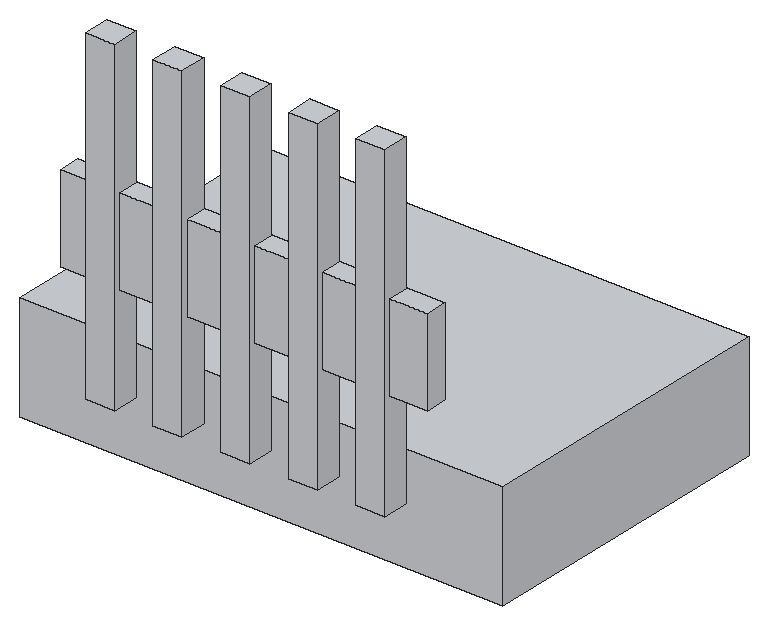
Revit family "GIS_Transformer_Fan", category Modelos genéricos, Revit 2027
Family settings
  Pode hospedar o vergalhão = Não
  Cota do conector redondo = Utilizar diâmetro
  Tipo de parte = Normal
  Com base no plano de trabalho = Não
  Sempre na vertical = Sim
  Corte com vazios quando carregada = Não
  Manter orientação da anotação = Não
  Compartilhado = Não
  Ponto de cálculo do ambiente = Não
Parameters (values of type "TR_FAN_STUDY")
  Elevação padrão = 0 mm
  BIM_TensaoSecundaria_kV = 0
  BIM_TensaoNominal_kV = 0
  BIM_TensaoClasse_kV = 0
  BIM_TensaoClasseSecundaria_kV = 0
  BIM_TensaoAuxiliarCA_kV = 0
  BIM_Sistema_Elemento [instance] = ""
  BIM_ReferenciaCatalogo = "Portfolio estimate; cooling equipment datasheet pending"
  BIM_Profundidade = 350 mm
  BIM_Potencia_MVA = 0
  BIM_Localizacao [instance] = ""
  BIM_Largura = 550 mm
  BIM_Impedancia_pu = 0
  BIM_FonteGeometria = "Portfolio estimate; cooling equipment datasheet pending"
  BIM_Fabricante = "NAO SELECIONADO"
  BIM_EstadoGeometria = "ESTIMATED"
  BIM_EstadoEspecificacao = "PREMISSA / NAO SELECIONADO"
  BIM_DescricaoEstudo = "Ventilador conceitual de radiador; potencia e comando pendentes."
  BIM_CorrenteReferenciaSecundaria_A = 0
  BIM_CorrenteNominal_A = 0
  BIM_Bay [instance] = ""
  BIM_AlturaCorpoPrincipal = 121 mm
  BIM_Altura = 550 mm
Reference planes
  plane 1 "Centro (Frente/Trás)": y = 0
  plane 2: z = 0
  plane 3 "Centro (Esquerda/Direita)": x = 0
  plane 4 "BIM Left": x = -275
  plane 5 "BIM Right": x = 275
  plane 6 "BIM Front": y = -175
  plane 7 "BIM Back": y = 175
Forms (mm)
  Extrusion 1, solid
    sketch origin (0, 0, 0) x (1, 0, 0) y (0, 1, 0)
      loop
        line (-275, -175) -> (275, -175) -> (275, 175) -> (-275, 175) -> (-275, -175)
    from 0 to 121 <- "BIM_AlturaCorpoPrincipal"
  Extrusion 2, solid
    sketch origin (0, 0, 187) x (1, 0, 0) y (0, 1, 0)
      loop
        line (-209, -199.384) -> (209, -199.384) -> (209, -175) -> (-209, -175) -> (-209, -199.384)
    from 0 to 99
  Extrusion 3, solid
    sketch origin (0, 0, 66) x (1, 0, 0) y (0, 1, 0)
      loop
        line (-176, -205.48) -> (-143, -205.48) -> (-143, -175) -> (-176, -175) -> (-176, -205.48)
    from 0 to 374
  Extrusion 4, solid
    sketch origin (0, 0, 66) x (1, 0, 0) y (0, 1, 0)
      loop
        line (-99, -205.48) -> (-66, -205.48) -> (-66, -175) -> (-99, -175) -> (-99, -205.48)
    from 0 to 374
  Extrusion 5, solid
    sketch origin (0, 0, 66) x (1, 0, 0) y (0, 1, 0)
      loop
        line (-22, -205.48) -> (11, -205.48) -> (11, -175) -> (-22, -175) -> (-22, -205.48)
    from 0 to 374
  Extrusion 6, solid
    sketch origin (0, 0, 66) x (1, 0, 0) y (0, 1, 0)
      loop
        line (55, -205.48) -> (88, -205.48) -> (88, -175) -> (55, -175) -> (55, -205.48)
    from 0 to 374
  Extrusion 7, solid
    sketch origin (0, 0, 66) x (1, 0, 0) y (0, 1, 0)
      loop
        line (132, -205.48) -> (165, -205.48) -> (165, -175) -> (132, -175) -> (132, -205.48)
    from 0 to 374
Dimensions and locks
  "BIM_Largura": plane 4 "BIM Left" to plane 5 "BIM Right"
  "BIM_Profundidade": plane 6 "BIM Front" to plane 7 "BIM Back"
  aligned and locked: level to plane 2
  aligned and locked: plane 4 "BIM Left" to Extrusion 1
  aligned and locked: Extrusion 1 to plane 5 "BIM Right"
  aligned and locked: Extrusion 1 to plane 6 "BIM Front"
  aligned and locked: plane 7 "BIM Back" to Extrusion 1
Automatic sketch dimensions
  Extrusion 1 sketch curve to plane 4 "BIM Left" = 0 mm
  Extrusion 1 sketch curve to plane 5 "BIM Right" = 0 mm
  Extrusion 1 sketch curve to plane 6 "BIM Front" = 0 mm
  Extrusion 1 sketch curve to plane 7 "BIM Back" = 0 mm
  Extrusion 2 sketch curve to plane 6 "BIM Front" = 0 mm
  Extrusion 2 sketch curve to plane 6 "BIM Front" = 24.384 mm
  Extrusion 2 sketch curve to plane 4 "BIM Left" = 66 mm
  plane 5 "BIM Right" to Extrusion 2 sketch curve = 66 mm
  Extrusion 3 sketch curve to plane 6 "BIM Front" = 0 mm
  Extrusion 3 sketch curve to plane 6 "BIM Front" = 30.48 mm
  Extrusion 3 sketch curve to plane 4 "BIM Left" = 99 mm
  Extrusion 3 sketch curve to Extrusion 3 sketch curve = 33 mm
  Extrusion 4 sketch curve to plane 6 "BIM Front" = 0 mm
  Extrusion 4 sketch curve to plane 6 "BIM Front" = 30.48 mm
  Extrusion 4 sketch curve to plane 3 "Centro (Esquerda/Direita)" = 99 mm
  Extrusion 4 sketch curve to Extrusion 4 sketch curve = 33 mm
  Extrusion 5 sketch curve to plane 6 "BIM Front" = 0 mm
  Extrusion 5 sketch curve to plane 3 "Centro (Esquerda/Direita)" = 22 mm
  plane 3 "Centro (Esquerda/Direita)" to Extrusion 5 sketch curve = 11 mm
  Extrusion 5 sketch curve to plane 6 "BIM Front" = 30.48 mm
  Extrusion 6 sketch curve to plane 6 "BIM Front" = 0 mm
  plane 3 "Centro (Esquerda/Direita)" to Extrusion 6 sketch curve = 55 mm
  Extrusion 6 sketch curve to Extrusion 6 sketch curve = 33 mm
  Extrusion 6 sketch curve to plane 6 "BIM Front" = 30.48 mm
  Extrusion 7 sketch curve to plane 6 "BIM Front" = 0 mm
  Extrusion 7 sketch curve to plane 6 "BIM Front" = 30.48 mm
  plane 3 "Centro (Esquerda/Direita)" to Extrusion 7 sketch curve = 132 mm
  Extrusion 7 sketch curve to Extrusion 7 sketch curve = 33 mm
